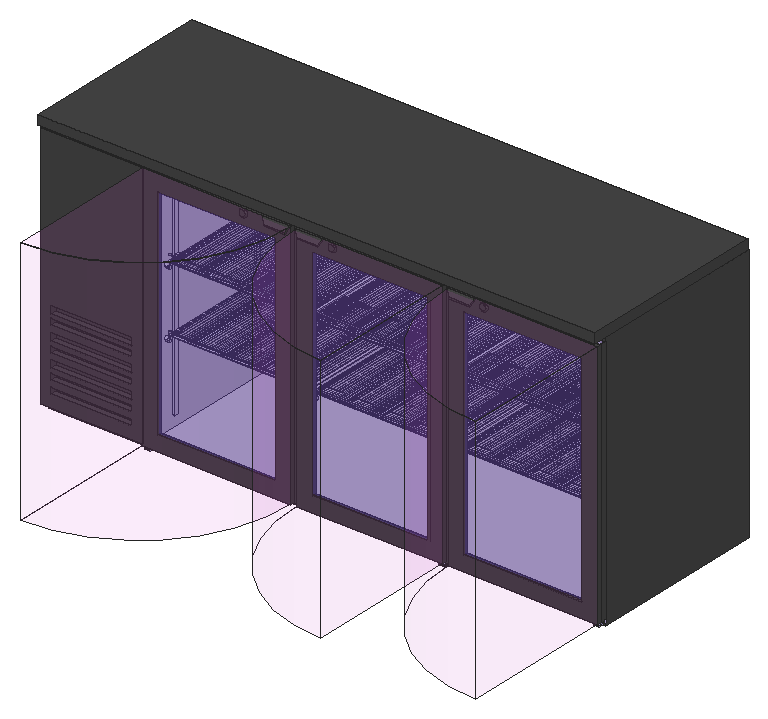
Revit family "QF_True_TBB24-72-3G-Z1-BST-B-1_Glass_Swing_Door_Back_Bar", category Specialty Equipment, Revit 2021
Family settings
  Round Connector Dimension = Use Diameter
  Part Type = Normal
  Work Plane-Based = No
  Always vertical = Yes
  Cut with Voids When Loaded = No
  Shared = No
  Room Calculation Point = No
Parameters
  Weight in Pounds = 415
  Watts = Volts * FL Amps  # 368 W
  Volts = 115 V
  URL Cutsheet = ""
  Specification by User = ""
  Specification by Manufacturer = ""
  Show Seismic Flanged [instance] = yes
  Show Door Clearance [instance] = yes
  Show Default [instance] = if(or([Show 2" Casters], [Show 3" Casters]), or(or([Show 4" Casters], [Show 5" Casters], [Show 6" Legs]), and([Show 2" Casters], [Show 3" Casters]), and([Show 3" Casters], Show Seismic Flanged)), if(or([Show 4" Casters], [Show 5" Casters]), or(or([Show 6" Legs], Show Seismic Flanged), and([Show 4" Casters], [Show 5" Casters])), if([Show 6" Legs], Show Seismic Flanged, not(Show Seismic Flanged))))  # yes
  Show 6" Legs [instance] = yes
  Show 5" Casters [instance] = yes
  Show 4" Casters [instance] = yes
  Show 3" Casters [instance] = yes
  Show 2" Casters [instance] = yes
  Serial Number = ""
  Seismic Rating = ""
  SMACNA No = ""
  Revision Code = ""
  Phase = 1
  Number of Poles = 1
  NAFEM Spec ID Number = ""
  Model = "TBB24-72-3G-Z1-BST-B-1"
  Min Ckt Ampacity = 0 A
  Max Overcurrent Protection = 0 A
  Masterspec = ""
  Manufacturer = "True"
  Length = 72 1/32"
  Item Number = ""
  Installed By = ""
  Identify Quantity as Lot = yes
  Height [instance] = Base Height + Body Height  # 34 3/16"
  HP = "1/4"
  Furnished By = ""
  Foodservice Equipment Identifier = yes
  FL Amps = 3.2 A
  Electrical Remarks = ""
  Electric Connection Type = ""
  Elec Conn RI Height = 0"
  Elec Conn Connection Height = 0"
  Door Finish [instance] = QF_Metallic_Paint_Black_Smooth
  Description = "Glass Swing Door Back Bar 24\" Depth Single Zone Cooler with Stainless Finished Top and Black Exterior"
  Depth = 25 11/32"
  Default Elevation = 0"
  Cycle = 60 Hz
  Counter Top Finish [instance] = QF_Metallic_Paint_Black_Smooth
  Conn Plug = "NEMA 5-15P"
  Conn Conduit = yes
  CSI MasterFormat = ""
  Body Height [instance] = 34 3/16"
  Body Finish [instance] = QF_Metallic_Paint_Black_Smooth
  Base Height [instance] = if(Show Default, 0", if([Show 2" Casters], 2", if([Show 3" Casters], 3", if([Show 4" Casters], 4", if([Show 5" Casters], 5", if([Show 6" Legs], 6", if(Show Seismic Flanged, 6", 0")))))))  # 0"
  Apparent Power = 0 VA
Reference planes (in)
  plane 1 "BACK": y = 0
  plane 2: z = 0
  plane 3 "LEFT": x = 0
  plane 4 "RIGHT": x = 72.03125
  plane 5 "FRONT": y = -25.34375
  plane 6 "TOP": z = 34.1875
  plane 7 "Center Y": x = 36.01563
  plane 8 "Center X": y = -12.67188
  plane 9: z = 0
Dimensions and locks (in)
  equal spacing: plane 3 "LEFT", plane 7 "Center Y", plane 4 "RIGHT"
  "Length": plane 3 "LEFT" to plane 4 "RIGHT"
  equal spacing: plane 5 "FRONT", plane 8 "Center X", plane 1 "BACK"
  "Depth": plane 5 "FRONT" to plane 1 "BACK"
  plane 6 "TOP" to level = 34 3/16"
  "Base Height": plane 9 to level
  "Body Height": plane 6 "TOP" to plane 9
  aligned and locked: level to plane 2
  aligned and locked: nested 1 to plane 9
Nested families (in)
  nested 1: "TBB24-72-3G-Z1-BST-B-1" at (0, 0, 0), Show Door Clearance <- "Show Door Clearance", Body Finish <- "Body Finish", Counter Top Finishes <- "Counter Top Finish", Door Finish <- "Door Finish", type "TBB24-72-3G-Z1-BST-B-1"
    with Show Door Clearance yes, Door Finish QF_Metallic_Paint_Black_Smooth, Counter Top Finishes QF_Metallic_Paint_Black_Smooth, Body Finish QF_Metallic_Paint_Black_Smooth
  nested 2: "Family3" at (2.5, -20.84523, 0), Show 2" Casters <- "Show 2" Casters", Show 3" Casters <- "Show 3" Casters", Show 4" Casters <- "Show 4" Casters", Show 5" Casters <- "Show 5" Casters", Show 6" Legs <- "Show 6" Legs", Show Seismic Flanged <- "Show Seismic Flanged", type "Family3"
    with Show Seismic Flanged yes, Show 6" Legs yes, Show 5" Casters yes, Show 4" Casters yes, Show 3" Casters yes, Show 2" Casters yes
  nested 3: "Family3" at (69.53125, -20.84523, 0), Show 2" Casters <- "Show 2" Casters", Show 3" Casters <- "Show 3" Casters", Show 4" Casters <- "Show 4" Casters", Show 5" Casters <- "Show 5" Casters", Show 6" Legs <- "Show 6" Legs", Show Seismic Flanged <- "Show Seismic Flanged", type "Family3"
    with Show Seismic Flanged yes, Show 6" Legs yes, Show 5" Casters yes, Show 4" Casters yes, Show 3" Casters yes, Show 2" Casters yes
  nested 4: "Family3" at (2.5, -3.09523, 0), Show 2" Casters <- "Show 2" Casters", Show 3" Casters <- "Show 3" Casters", Show 4" Casters <- "Show 4" Casters", Show 5" Casters <- "Show 5" Casters", Show 6" Legs <- "Show 6" Legs", Show Seismic Flanged <- "Show Seismic Flanged", type "Family3"
    with Show Seismic Flanged yes, Show 6" Legs yes, Show 5" Casters yes, Show 4" Casters yes, Show 3" Casters yes, Show 2" Casters yes
  nested 5: "Family3" at (69.53125, -3.09523, 0), Show 2" Casters <- "Show 2" Casters", Show 3" Casters <- "Show 3" Casters", Show 4" Casters <- "Show 4" Casters", Show 5" Casters <- "Show 5" Casters", Show 6" Legs <- "Show 6" Legs", Show Seismic Flanged <- "Show Seismic Flanged", type "Family3"
    with Show Seismic Flanged yes, Show 6" Legs yes, Show 5" Casters yes, Show 4" Casters yes, Show 3" Casters yes, Show 2" Casters yes
Connectors (in)
  electrical at (5.92159, 0.23047, 18.89834), driven by "Volts", driven by "Watts"
    settings: on nested 1, index 1, voltage 115 V, apparent load 368 VA, apparent load phase1 0 VA, apparent load phase2 0 VA, apparent load phase3 0 VA, power factor 1, load classification "Other", number of poles 1, system type 30, power factor state 1, is connector primary yes, connector utility no, sub classification motor no, connector description "ELECTRICAL CONNECTION"
Definition of nested family "TBB24-72-3G-Z1-BST-B-1"
  Parameters (values of type "TBB24-72-3G-Z1-BST-B-1")
    Weight in Pounds = 0
    URL Cutsheet = ""
    Specification by User = ""
    Specification by Manufacturer = ""
    Show Door Clearance [instance] = yes
    Serial Number = ""
    Seismic Rating = ""
    SMACNA No = ""
    Revision Code = ""
    NAFEM Spec ID Number = ""
    Masterspec = ""
    Length = 72 1/32"
    Item Number = ""
    Installed By = ""
    Identify Quantity as Lot = yes
    Height = 34 23/32"
    Furnished By = ""
    Foodservice Equipment Identifier = yes
    Door Finish [instance] = none
    Depth = 25 11/32"
    Default Elevation = 0"
    Counter Top Finishes [instance] = none
    CSI MasterFormat = ""
    Body Finish [instance] = none
  Reference planes (in)
    plane 1 "BACK": y = 0
    plane 2: z = 0
    plane 3 "LEFT": x = 0
    plane 4 "RIGHT": x = 72.03125
    plane 5 "FRONT": y = -25.34375
    plane 6 "TOP": z = 34.71875
    plane 7 "Center Y": x = 36.01563
    plane 8 "Center X": y = -12.67188
    plane 9: y = -44.09375
    plane 10: y = -24.875
    plane 11: z = 0.28263
    plane 12: x = 13.15625
    plane 13: x = 52.40625
    plane 14: y = -21.84523
    plane 15: y = -21.84523
    plane 16: y = -21.84523
    plane 17: y = -21.84523
    plane 18: y = -21.84523
    plane 19: y = -21.84523
    plane 20: y = -21.84523
    plane 21: y = -21.84523
    plane 22: y = -21.84523
    plane 23: y = -21.84523
    plane 24: y = -21.84523
    plane 25: y = -21.84523
    plane 26: y = -21.84523
    plane 27: y = -21.84523
    plane 28: y = -21.84523
    plane 29: y = -21.84523
    plane 30: y = -21.84523
    plane 31: y = -21.84523
    plane 32: y = -21.84523
    plane 33: y = -21.84523
    plane 34: y = -21.84523
    plane 35: y = -21.84523
    plane 36: y = -21.84523
    plane 37: y = -21.84523
    plane 38: y = -21.84523
    plane 39: y = -21.84523
    plane 40: y = -21.84523
    plane 41: y = -21.84523
    plane 42: y = -21.84523
    plane 43: y = -21.84523
    plane 44: y = -21.84523
    plane 45: y = -21.84523
    plane 46: y = -21.84523
    plane 47: y = -21.84523
    plane 48: y = -21.84523
    plane 49: y = -21.84523
    plane 50: y = -21.84523
    plane 51: y = -21.84523
    plane 52: y = -21.84523
    plane 53: y = -21.84523
    plane 54: y = -21.84523
    plane 55: y = -21.84523
    plane 56: y = -21.84523
    plane 57: y = -21.84523
    plane 58: y = -21.84523
    plane 59: y = -21.84523
    plane 60: y = -21.84523
    plane 61: y = -21.84523
    plane 62: y = -21.84523
    plane 63: y = -21.84523
    plane 64: y = -24.3696
  Forms (in)
    Extrusion 1, solid, material <- "Counter Top Finishes"
      sketch origin (0, 0, 0) x (1, 0, 0) y (0, 0, 1)
        loop
          line (0, 34.71875) -> (0, 33.46875) -> (72.03125, 33.46875) -> (72.03125, 34.71875) -> (0, 34.71875)
      from 0 to 24.875
    Extrusion 2, solid, material <- "Body Finish"
      sketch origin (0, 0, 0) x (0, 1, 0) y (0, 0, 1)
        loop
          line (0, 33.46875) -> (-23.09422, 33.46875) -> (-23.09422, 0) -> (0, 0) -> (0, 33.46875)
      from 0 to 72.03125
    Extrusion 3, solid, material <- "Body Finish"
      sketch origin (0, -23.09422, 33.46875) x (0, 0, -1) y (1, 0, 0)
        loop
          line (0.5625, 0) -> (32.48883, 0) -> (32.48883, 13.15625) -> (0.5625, 13.15625) -> (0.5625, 0)
      from 0 to 1.27538
    Extrusion 4, void
      sketch origin (0, -24.3696, 33.46875) x (0, 0, 1) y (1, 0, 0)
        loop
          line (-20.59422, 1.27626) -> (-20.59422, 11.8296) -> (-21.59422, 11.8296) -> (-21.59422, 1.27626) -> (-20.59422, 1.27626)
        loop
          line (-22.0483, 1.27626) -> (-22.0483, 11.8296) -> (-22.87544, 11.8296) -> (-22.87544, 1.27626) -> (-22.0483, 1.27626)
        loop
          line (-23.71922, 1.27626) -> (-23.71922, 11.8296) -> (-24.71922, 11.8296) -> (-24.71922, 1.27626) -> (-23.71922, 1.27626)
        loop
          line (-25.2983, 1.27626) -> (-25.2983, 11.8296) -> (-26.12544, 11.8296) -> (-26.12544, 1.27626) -> (-25.2983, 1.27626)
        loop
          line (-26.84422, 1.27626) -> (-26.84422, 11.8296) -> (-27.84422, 11.8296) -> (-27.84422, 1.27626) -> (-26.84422, 1.27626)
        loop
          line (-28.4233, 1.27626) -> (-28.4233, 11.8296) -> (-29.25044, 11.8296) -> (-29.25044, 1.27626) -> (-28.4233, 1.27626)
        loop
          line (-30.0483, 1.27626) -> (-30.0483, 11.8296) -> (-30.87544, 11.8296) -> (-30.87544, 1.27626) -> (-30.0483, 1.27626)
      from 0 to 0.83594
    Extrusion 5, solid, material <- "Body Finish"
      sketch origin (0, 0, 0) x (0, 0, 1) y (1, 0, 0)
        loop
          arc (20.62838, 11.27264) -> (20.40871, 11.80298) -> (19.87838, 12.02264) r 0.75
          line (19.87838, 12.02264) -> (1.3125, 12.02264)
          arc (1.3125, 12.02264) -> (0.78217, 11.80298) -> (0.5625, 11.27264) r 0.75
          line (0.5625, 11.27264) -> (0.5625, 0.75)
          arc (0.5625, 0.75) -> (0.78217, 0.21967) -> (1.3125, 0) r 0.75
          line (1.3125, 0) -> (19.87838, 0)
          arc (19.87838, 0) -> (20.40871, 0.21967) -> (20.62838, 0.75) r 0.75
          line (20.62838, 0.75) -> (20.62838, 5.19897) -> (21.06934, 5.19897)
          arc (21.06934, 5.19897) -> (21.81934, 5.94897) -> (21.06934, 6.69897) r 0.75
          line (21.06934, 6.69897) -> (20.62838, 6.69897) -> (20.62838, 11.27264)
      from 0 to 0.03125
    Extrusion 6, solid, material <- "Body Finish"
      sketch origin (0, 0.03125, 0) x (0, 0, 1) y (1, 0, 0)
        loop
          line (21.56934, 5.94897) -> (21.31934, 6.38198) -> (20.81934, 6.38198) -> (20.56934, 5.94897) -> (20.81934, 5.51596) -> (21.31934, 5.51596) -> (21.56934, 5.94897)
      from 0 to 0.19922
    Extrusion 7, solid, material <- "Body Finish"
      sketch origin (0, 0.03125, 0) x (0, 0, 1) y (1, 0, 0)
        loop
          circle (18.89834, 5.92159) r 0.5
      from 0 to 0.19922
    Extrusion 8, solid, material <- "Door Finish"
      sketch origin (0.80334, -23.09422, 33.46875) x (0, 0, -1) y (1, 0, 0)
        loop
          line (0.5625, 12.35291) -> (32.78125, 12.35291) -> (32.78125, 31.97791) -> (0.5625, 31.97791) -> (0.5625, 12.35291)
        loop
          line (31.78125, 13.35291) -> (31.78125, 30.97791) -> (1.5625, 30.97791) -> (1.5625, 13.35291) -> (31.78125, 13.35291)
      from 0 to 0.80663
    Extrusion 9, solid, material <- "Door Finish"
      sketch origin (40.05334, -23.09422, 33.46875) x (0, 0, -1) y (1, 0, 0)
        loop
          line (0.5625, 12.35496) -> (32.78125, 12.35496) -> (32.78125, 31.97791) -> (0.5625, 31.97791) -> (0.5625, 12.35496)
        loop
          line (31.78125, 13.79041) -> (31.78125, 30.97791) -> (1.5625, 30.97791) -> (1.5625, 13.79041) -> (31.78125, 13.79041)
      from 0 to 0.80663
    Extrusion 10, void
      sketch origin (0, -23.09422, 1.53125) x (1, 0, 0) y (0, -1, 0)
        loop
          line (14.13672, -18.75) -> (70.51172, -18.75) -> (70.51172, 0) -> (14.13672, 0) -> (14.13672, -18.75)
      from 0 to -30.84375
    Extrusion 11, solid, material <- "Door Finish"
      sketch origin (0.80334, -23.90085, 33.46875) x (0, 0, -1) y (1, 0, 0)
        loop
          line (0.5625, 12.35291) -> (32.78125, 12.35291) -> (32.78125, 31.60291) -> (0.5625, 31.60291) -> (0.5625, 12.35291)
        loop
          line (2.5625, 29.60291) -> (2.5625, 14.35291) -> (30.78125, 14.35291) -> (30.78125, 29.60291) -> (2.5625, 29.60291)
      from 0 to 0.46875
    Blend 12, solid, material <- "Door Finish"
      base sketch origin (0.80334, -24.3696, 33.46875) x (0, 0, -1) y (1, 0, 0)
        loop
          circle (1.15564, 25.41355) r 0.5
      top sketch origin (0.80334, -24.3696, 33.46875) x (0, 0, -1) y (1, 0, 0)
        loop
          circle (1.15564, 25.41355) r 0.39938
      from 0 to 0.12886
    Blend 13, solid, material <- "Door Finish"
      base sketch origin (83.50916, -24.3696, 33.46875) x (0, 0, -1) y (1, 0, 0)
        loop
          circle (1.15564, -26.16355) r 0.5
      top sketch origin (83.50916, -24.3696, 33.46875) x (0, 0, -1) y (1, 0, 0)
        loop
          circle (1.15564, -26.16355) r 0.39938
      from 0 to 0.12886
    Extrusion 14, solid
      sketch origin (-1.45011, -180, 0.28263) x (-1, 0, 0) y (0, -1, 0)
        loop
          line (-14.60636, -156.90578) -> (-14.60636, -156.03078)
          arc (-14.60636, -156.03078) -> (-14.64297, -155.9424) -> (-14.73136, -155.90578) r 0.125
          line (-14.73136, -155.90578) -> (-15.30008, -155.90578)
          arc (-15.30008, -155.90578) -> (-15.37178, -155.92839) -> (-15.41755, -155.98803) r 0.125
          line (-15.41755, -155.98803) -> (-15.69052, -156.73803)
          arc (-15.69052, -156.73803) -> (-15.67546, -156.85248) -> (-15.57306, -156.90578) r 0.125
          line (-15.57306, -156.90578) -> (-14.60636, -156.90578)
        loop
          line (-53.52038, -156.90578) -> (-52.55368, -156.90578)
          arc (-52.55368, -156.90578) -> (-52.45129, -156.85248) -> (-52.43622, -156.73803) r 0.125
          line (-52.43622, -156.73803) -> (-52.7092, -155.98803)
          arc (-52.7092, -155.98803) -> (-52.75496, -155.92839) -> (-52.82666, -155.90578) r 0.125
          line (-52.82666, -155.90578) -> (-53.39538, -155.90578)
          arc (-53.39538, -155.90578) -> (-53.48377, -155.9424) -> (-53.52038, -156.03078) r 0.125
          line (-53.52038, -156.03078) -> (-53.52038, -156.90578)
        loop
          line (-73.48136, -156.90578) -> (-72.51466, -156.90578)
          arc (-72.51466, -156.90578) -> (-72.41226, -156.85248) -> (-72.3972, -156.73803) r 0.125
          line (-72.3972, -156.73803) -> (-72.67017, -155.98803)
          arc (-72.67017, -155.98803) -> (-72.71594, -155.92839) -> (-72.78764, -155.90578) r 0.125
          line (-72.78764, -155.90578) -> (-73.35636, -155.90578)
          arc (-73.35636, -155.90578) -> (-73.44475, -155.9424) -> (-73.48136, -156.03078) r 0.125
          line (-73.48136, -156.03078) -> (-73.48136, -156.90578)
      from 0 to 0.07705
    Extrusion 15, solid
      sketch origin (0, -23.09422, 33.46875) x (0, 0, -1) y (1, 0, 0)
        loop
          line (33.18612, 13.15625) -> (33.18612, 14.24795) -> (32.78125, 14.24795) -> (32.78125, 13.15625) -> (33.18612, 13.15625)
        loop
          line (33.18612, 51.31455) -> (33.18612, 52.40625) -> (32.78125, 52.40625) -> (32.78125, 51.31455) -> (33.18612, 51.31455)
        loop
          line (33.18612, 70.93955) -> (33.18612, 72.03125) -> (32.78125, 72.03125) -> (32.78125, 70.93955) -> (33.18612, 70.93955)
      from 0 to 0.03214
    Extrusion 16, solid
      sketch origin (-1.45011, -180, 0.35968) x (-1, 0, 0) y (0, -1, 0)
        loop
          circle (-15.01572, -156.38971) r 0.25
        loop
          circle (-53.11102, -156.38971) r 0.25
        loop
          circle (-73.04647, -156.38971) r 0.25
      from 0 to 0.32782
    Extrusion 17, solid
      sketch origin (71.71875, 0, 33.46875) x (0, 1, 0) y (1, 0, 0)
        loop
          circle (-23.61029, -58.15314) r 0.25
        loop
          circle (-23.61029, -20.05784) r 0.25
        loop
          circle (-23.61029, -0.12239) r 0.25
      from 0 to 0.5625
    Extrusion 18, solid
      sketch origin (14.15625, -5.34422, 1.71962) x (0, 1, 0) y (0, 0, 1)
        loop
          line (-15.50101, 28.99913) -> (-15.50101, 1.46788) -> (-15.00101, 1.46788) -> (-15.00101, 28.99913) -> (-15.50101, 28.99913)
        loop
          line (-2.25101, 28.99913) -> (-2.25101, 1.46788) -> (-1.75101, 1.46788) -> (-1.75101, 28.99913) -> (-2.25101, 28.99913)
      from 0 to 0.38124
    Extrusion 19, solid
      sketch origin (14.15625, -4.34422, 1.71962) x (1, 0, 0) y (0, 0, 1)
        loop
          line (17.3189, 28.99913) -> (17.3189, 1.46788) -> (17.8189, 1.46788) -> (17.8189, 28.99913) -> (17.3189, 28.99913)
        loop
          line (1.3189, 28.99913) -> (1.3189, 1.46788) -> (1.8189, 1.46788) -> (1.8189, 28.99913) -> (1.3189, 28.99913)
        loop
          line (36.48437, 28.99913) -> (36.48437, 1.46788) -> (36.98437, 1.46788) -> (36.98437, 28.99913) -> (36.48437, 28.99913)
        loop
          line (19.9311, 28.99913) -> (19.4311, 28.99913) -> (19.4311, 1.46788) -> (19.9311, 1.46788) -> (19.9311, 28.99913)
        loop
          line (40.01563, 28.99913) -> (39.51563, 28.99913) -> (39.51563, 1.46788) -> (40.01563, 1.46788) -> (40.01563, 28.99913)
        loop
          line (55.01563, 28.99913) -> (54.51563, 28.99913) -> (54.51563, 1.46788) -> (55.01563, 1.46788) -> (55.01563, 28.99913)
      from 0 to 0.38281
    Sweep 20, solid
      path origin (-5.14658, -182.67731, 21.66353) x (-1, 0, 0) y (0, -1, 0)
        loop
          line (-19.93408, -160.83208) -> (-37.27783, -160.83208)
          arc (-37.27783, -160.83208) -> (-37.63138, -160.97853) -> (-37.77783, -161.33208) r 0.5
          line (-37.77783, -161.33208) -> (-37.77783, -177.20028)
          arc (-37.77783, -177.20028) -> (-37.63138, -177.55383) -> (-37.27783, -177.70028) r 0.5
          line (-37.27783, -177.70028) -> (-20.43408, -177.70028)
          arc (-20.43408, -177.70028) -> (-20.08052, -177.55383) -> (-19.93408, -177.20028) r 0.5
          line (-19.93408, -177.20028) -> (-19.93408, -160.33208)
          arc (-19.93408, -160.33208) -> (-20.08052, -159.97853) -> (-20.43408, -159.83208) r 0.5
          line (-20.43408, -159.83208) -> (-20.68408, -159.83208)
      profile origin (14.7875, -13.91113, 21.66353) x (1, 0, 0) y (0, 0, 1)
        loop
          circle (0, -0.10817) r 0.14183
    Extrusion 21, solid
      sketch origin (14.15625, -20.84523, 3.1875) x (0, 0, 1) y (-1, 0, 0)
        loop
          line (18.75728, -0.82407) -> (18.75728, -0.38124) -> (18.17613, -0.38124) -> (18.61896, -0.82407) -> (18.75728, -0.82407)
        loop
          line (18.75728, -55.5314) -> (18.61896, -55.5314) -> (18.17613, -55.97423) -> (18.75728, -55.97423) -> (18.75728, -55.5314)
      from 0 to -0.5
    Extrusion 22, solid
      sketch origin (14.15625, -7.59523, 3.1875) x (0, 0, 1) y (-1, 0, 0)
        loop
          line (18.75728, -0.82407) -> (18.75728, -0.38124) -> (18.17613, -0.38124) -> (18.61896, -0.82407) -> (18.75728, -0.82407)
        loop
          line (18.75728, -55.5314) -> (18.61896, -55.5314) -> (18.17613, -55.97423) -> (18.75728, -55.97423) -> (18.75728, -55.5314)
      from 0 to -0.5
    Extrusion 23, solid
      sketch origin (31.47515, -4.34422, 3.1875) x (0, 0, 1) y (0, 1, 0)
        loop
          line (18.75728, -0.82564) -> (18.75728, -0.38281) -> (18.17613, -0.38281) -> (18.61896, -0.82564) -> (18.75728, -0.82564)
      from 0 to -0.5
    Extrusion 24, solid
      sketch origin (15.47515, -4.34422, 3.1875) x (0, 0, 1) y (0, 1, 0)
        loop
          line (18.75728, -0.82564) -> (18.75728, -0.38281) -> (18.17613, -0.38281) -> (18.61896, -0.82564) -> (18.75728, -0.82564)
      from 0 to -0.5
    Extrusion 25, solid
      sketch origin (69.17188, -4.34422, 29.12947) x (0, 0, 1) y (0, -1, 0)
        loop
          line (-7.18469, 0.82564) -> (-7.32301, 0.82564) -> (-7.76583, 0.38281) -> (-7.18469, 0.38281) -> (-7.18469, 0.82564)
      from 0 to -0.5
    Extrusion 26, solid
      sketch origin (54.17188, -4.34422, 29.12947) x (0, 0, 1) y (0, -1, 0)
        loop
          line (-7.18469, 0.82564) -> (-7.32301, 0.82564) -> (-7.76583, 0.38281) -> (-7.18469, 0.38281) -> (-7.18469, 0.82564)
      from 0 to -0.5
    Extrusion 27, solid
      sketch origin (14.15625, -20.84523, -5.3125) x (0, 0, 1) y (-1, 0, 0)
        loop
          line (18.22603, -0.82407) -> (18.22603, -0.38124) -> (17.64488, -0.38124) -> (18.08771, -0.82407) -> (18.22603, -0.82407)
        loop
          line (18.22603, -55.5314) -> (18.08771, -55.5314) -> (17.64488, -55.97423) -> (18.22603, -55.97423) -> (18.22603, -55.5314)
      from 0 to -0.5
    Extrusion 28, solid
      sketch origin (14.15625, -7.59523, -5.3125) x (0, 0, 1) y (-1, 0, 0)
        loop
          line (18.22603, -0.82407) -> (18.22603, -0.38124) -> (17.64488, -0.38124) -> (18.08771, -0.82407) -> (18.22603, -0.82407)
        loop
          line (18.22603, -55.5314) -> (18.08771, -55.5314) -> (17.64488, -55.97423) -> (18.22603, -55.97423) -> (18.22603, -55.5314)
      from 0 to -0.5
    Extrusion 29, solid
      sketch origin (31.47515, -4.34422, -5.3125) x (0, 0, 1) y (0, 1, 0)
        loop
          line (18.22603, -0.82564) -> (18.22603, -0.38281) -> (17.64488, -0.38281) -> (18.08771, -0.82564) -> (18.22603, -0.82564)
      from 0 to -0.5
    Extrusion 30, solid
      sketch origin (15.47515, -4.34422, -5.3125) x (0, 0, 1) y (0, 1, 0)
        loop
          line (18.22603, -0.82564) -> (18.22603, -0.38281) -> (17.64488, -0.38281) -> (18.08771, -0.82564) -> (18.22603, -0.82564)
      from 0 to -0.5
    Extrusion 31, solid
      sketch origin (69.17188, -4.34422, 20.62947) x (0, 0, 1) y (0, -1, 0)
        loop
          line (-7.71594, 0.82564) -> (-7.85426, 0.82564) -> (-8.29708, 0.38281) -> (-7.71594, 0.38281) -> (-7.71594, 0.82564)
      from 0 to -0.5
    Extrusion 32, solid
      sketch origin (54.17188, -4.34422, 20.62947) x (0, 0, 1) y (0, -1, 0)
        loop
          line (-7.71594, 0.82564) -> (-7.85426, 0.82564) -> (-8.29708, 0.38281) -> (-7.71594, 0.38281) -> (-7.71594, 0.82564)
      from 0 to -0.5
    Sweep 33, solid
      path origin (-5.14658, -182.67731, 13.16353) x (-1, 0, 0) y (0, -1, 0)
        loop
          line (-19.93408, -160.83208) -> (-37.27783, -160.83208)
          arc (-37.27783, -160.83208) -> (-37.63138, -160.97853) -> (-37.77783, -161.33208) r 0.5
          line (-37.77783, -161.33208) -> (-37.77783, -177.20028)
          arc (-37.77783, -177.20028) -> (-37.63138, -177.55383) -> (-37.27783, -177.70028) r 0.5
          line (-37.27783, -177.70028) -> (-20.43408, -177.70028)
          arc (-20.43408, -177.70028) -> (-20.08052, -177.55383) -> (-19.93408, -177.20028) r 0.5
          line (-19.93408, -177.20028) -> (-19.93408, -160.33208)
          arc (-19.93408, -160.33208) -> (-20.08052, -159.97853) -> (-20.43408, -159.83208) r 0.5
          line (-20.43408, -159.83208) -> (-20.68408, -159.83208)
      profile origin (14.7875, -13.91113, 13.16353) x (1, 0, 0) y (0, 0, 1)
        loop
          circle (0, -0.10817) r 0.14183
    Extrusion 34, solid
      sketch origin (14.7875, -180.67756, 21.69719) x (0, 0, 1) y (0, -1, 0)
        loop
          circle (0.6482, -158.83233) r 0.05462
      from -0.25 to 17.83516
    Extrusion 35, solid
      sketch origin (14.7875, -180.67756, 13.19719) x (0, 0, 1) y (0, -1, 0)
        loop
          circle (0.11695, -158.83233) r 0.05462
      from -0.25 to 17.83516
    Extrusion 36, solid
      sketch origin (69.91954, -180.67756, 21.69719) x (0, 0, 1) y (0, 1, 0)
        loop
          circle (0.6482, 158.83233) r 0.05462
      from -0.21094 to 17.63204
    Extrusion 37, solid
      sketch origin (69.91954, -180.67756, 13.19719) x (0, 0, 1) y (0, 1, 0)
        loop
          circle (0.11695, 158.83233) r 0.05462
      from -0.21094 to 17.63204
    Extrusion 38, solid
      sketch origin (51.14062, -4.34422, 29.12947) x (0, 0, 1) y (0, -1, 0)
        loop
          line (-7.18469, 0.82564) -> (-7.32301, 0.82564) -> (-7.76583, 0.38281) -> (-7.18469, 0.38281) -> (-7.18469, 0.82564)
      from 0 to -0.5
    Extrusion 39, solid
      sketch origin (34.08735, -4.34422, 29.12947) x (0, 0, 1) y (0, -1, 0)
        loop
          line (-7.18469, 0.82564) -> (-7.32301, 0.82564) -> (-7.76583, 0.38281) -> (-7.18469, 0.38281) -> (-7.18469, 0.82564)
      from 0 to -0.5
    Extrusion 40, solid
      sketch origin (51.14062, -4.34422, 20.62947) x (0, 0, 1) y (0, -1, 0)
        loop
          line (-7.71594, 0.82564) -> (-7.85426, 0.82564) -> (-8.29708, 0.38281) -> (-7.71594, 0.38281) -> (-7.71594, 0.82564)
      from 0 to -0.5
    Extrusion 41, solid
      sketch origin (34.08735, -4.34422, 20.62947) x (0, 0, 1) y (0, -1, 0)
        loop
          line (-7.71594, 0.82564) -> (-7.85426, 0.82564) -> (-8.29708, 0.38281) -> (-7.71594, 0.38281) -> (-7.71594, 0.82564)
      from 0 to -0.5
    Sweep 42, solid
      path origin (13.60342, -182.67731, 21.66353) x (-1, 0, 0) y (0, -1, 0)
        loop
          line (-19.93408, -160.83208) -> (-37.27783, -160.83208)
          arc (-37.27783, -160.83208) -> (-37.63138, -160.97853) -> (-37.77783, -161.33208) r 0.5
          line (-37.77783, -161.33208) -> (-37.77783, -177.20028)
          arc (-37.77783, -177.20028) -> (-37.63138, -177.55383) -> (-37.27783, -177.70028) r 0.5
          line (-37.27783, -177.70028) -> (-20.43408, -177.70028)
          arc (-20.43408, -177.70028) -> (-20.08052, -177.55383) -> (-19.93408, -177.20028) r 0.5
          line (-19.93408, -177.20028) -> (-19.93408, -160.33208)
          arc (-19.93408, -160.33208) -> (-20.08052, -159.97853) -> (-20.43408, -159.83208) r 0.5
          line (-20.43408, -159.83208) -> (-20.93408, -159.83208)
      profile origin (33.5375, -13.91113, 21.66353) x (1, 0, 0) y (0, 0, 1)
        loop
          circle (0, -0.10817) r 0.14183
    Sweep 43, solid
      path origin (13.60342, -182.67731, 13.16353) x (-1, 0, 0) y (0, -1, 0)
        loop
          line (-19.93408, -160.83208) -> (-37.27783, -160.83208)
          arc (-37.27783, -160.83208) -> (-37.63138, -160.97853) -> (-37.77783, -161.33208) r 0.5
          line (-37.77783, -161.33208) -> (-37.77783, -177.20028)
          arc (-37.77783, -177.20028) -> (-37.63138, -177.55383) -> (-37.27783, -177.70028) r 0.5
          line (-37.27783, -177.70028) -> (-20.43408, -177.70028)
          arc (-20.43408, -177.70028) -> (-20.08052, -177.55383) -> (-19.93408, -177.20028) r 0.5
          line (-19.93408, -177.20028) -> (-19.93408, -160.33208)
          arc (-19.93408, -160.33208) -> (-20.08052, -159.97853) -> (-20.43408, -159.83208) r 0.5
          line (-20.43408, -159.83208) -> (-20.93408, -159.83208)
      profile origin (33.5375, -13.91113, 13.16353) x (1, 0, 0) y (0, 0, 1)
        loop
          circle (0, -0.10817) r 0.14183
    Sweep 44, solid
      path origin (32.35342, -182.67731, 21.66353) x (-1, 0, 0) y (0, -1, 0)
        loop
          line (-19.93408, -160.83208) -> (-37.27783, -160.83208)
          arc (-37.27783, -160.83208) -> (-37.63138, -160.97853) -> (-37.77783, -161.33208) r 0.5
          line (-37.77783, -161.33208) -> (-37.77783, -177.20028)
          arc (-37.77783, -177.20028) -> (-37.63138, -177.55383) -> (-37.27783, -177.70028) r 0.5
          line (-37.27783, -177.70028) -> (-20.43408, -177.70028)
          arc (-20.43408, -177.70028) -> (-20.08052, -177.55383) -> (-19.93408, -177.20028) r 0.5
          line (-19.93408, -177.20028) -> (-19.93408, -160.33208)
          arc (-19.93408, -160.33208) -> (-20.08052, -159.97853) -> (-20.43408, -159.83208) r 0.5
          line (-20.43408, -159.83208) -> (-20.68408, -159.83208)
      profile origin (52.2875, -13.91113, 21.66353) x (1, 0, 0) y (0, 0, 1)
        loop
          circle (0, -0.10817) r 0.14183
    Sweep 45, solid
      path origin (32.35342, -182.67731, 13.16353) x (-1, 0, 0) y (0, -1, 0)
        loop
          line (-19.93408, -160.83208) -> (-37.27783, -160.83208)
          arc (-37.27783, -160.83208) -> (-37.63138, -160.97853) -> (-37.77783, -161.33208) r 0.5
          line (-37.77783, -161.33208) -> (-37.77783, -177.20028)
          arc (-37.77783, -177.20028) -> (-37.63138, -177.55383) -> (-37.27783, -177.70028) r 0.5
          line (-37.27783, -177.70028) -> (-20.43408, -177.70028)
          arc (-20.43408, -177.70028) -> (-20.08052, -177.55383) -> (-19.93408, -177.20028) r 0.5
          line (-19.93408, -177.20028) -> (-19.93408, -160.33208)
          arc (-19.93408, -160.33208) -> (-20.08052, -159.97853) -> (-20.43408, -159.83208) r 0.5
          line (-20.43408, -159.83208) -> (-20.68408, -159.83208)
      profile origin (52.2875, -13.91113, 13.16353) x (1, 0, 0) y (0, 0, 1)
        loop
          circle (0, -0.10817) r 0.14183
    Extrusion 46, solid
      sketch origin (70.13048, -5.34422, 1.71962) x (0, 1, 0) y (0, 0, 1)
        loop
          line (-15.50101, 28.99913) -> (-15.50101, 1.46788) -> (-15.00101, 1.46788) -> (-15.00101, 28.99913) -> (-15.50101, 28.99913)
        loop
          line (-2.25101, 28.99913) -> (-2.25101, 1.46788) -> (-1.75101, 1.46788) -> (-1.75101, 28.99913) -> (-2.25101, 28.99913)
      from 0 to 0.38124
    Extrusion 47, solid
      sketch origin (33.7875, -180.67756, 21.69719) x (0, 0, 1) y (0, -1, 0)
        loop
          circle (0.6482, -158.83233) r 0.05462
      from -0.25 to 17.60313
    Extrusion 48, solid
      sketch origin (33.7875, -180.67756, 13.19719) x (0, 0, 1) y (0, -1, 0)
        loop
          circle (0.11695, -158.83233) r 0.05462
      from -0.25 to 17.59823
    Extrusion 49, solid
      sketch origin (0, 0, 0) x (1, 0, 0) y (0, 0, 1)
        loop
          circle (14.90115, 21.72801) r 0.03267
      from 4.97058 to 21.86282
    Extrusion 50, solid
      sketch origin (17.58335, 0, 0) x (1, 0, 0) y (0, 0, 1)
        loop
          circle (14.90115, 21.72801) r 0.03267
      from 4.97058 to 21.86282
    Extrusion 51, solid
      sketch origin (0.35884, 0, 0) x (1, 0, 0) y (0, 0, 1)
        loop
          circle (14.90115, 21.72801) r 0.03267
      from 4.97058 to 21.86282
    Extrusion 52, solid
      sketch origin (0.71769, 0, 0) x (1, 0, 0) y (0, 0, 1)
        loop
          circle (14.90115, 21.72801) r 0.03267
      from 4.97058 to 21.86282
    Extrusion 53, solid
      sketch origin (1.07653, 0, 0) x (1, 0, 0) y (0, 0, 1)
        loop
          circle (14.90115, 21.72801) r 0.03267
      from 4.97058 to 21.86282
    Extrusion 54, solid
      sketch origin (1.43538, 0, 0) x (1, 0, 0) y (0, 0, 1)
        loop
          circle (14.90115, 21.72801) r 0.03267
      from 4.97058 to 21.86282
    Extrusion 55, solid
      sketch origin (1.79422, 0, 0) x (1, 0, 0) y (0, 0, 1)
        loop
          circle (14.90115, 21.72801) r 0.03267
      from 4.97058 to 21.86282
    Extrusion 56, solid
      sketch origin (2.15306, 0, 0) x (1, 0, 0) y (0, 0, 1)
        loop
          circle (14.90115, 21.72801) r 0.03267
      from 4.97058 to 21.86282
    Extrusion 57, solid
      sketch origin (2.51191, 0, 0) x (1, 0, 0) y (0, 0, 1)
        loop
          circle (14.90115, 21.72801) r 0.03267
      from 4.97058 to 21.86282
    Extrusion 58, solid
      sketch origin (2.87075, 0, 0) x (1, 0, 0) y (0, 0, 1)
        loop
          circle (14.90115, 21.72801) r 0.03267
      from 4.97058 to 21.86282
    Extrusion 59, solid
      sketch origin (3.22959, 0, 0) x (1, 0, 0) y (0, 0, 1)
        loop
          circle (14.90115, 21.72801) r 0.03267
      from 4.97058 to 21.86282
    Extrusion 60, solid
      sketch origin (3.58844, 0, 0) x (1, 0, 0) y (0, 0, 1)
        loop
          circle (14.90115, 21.72801) r 0.03267
      from 4.97058 to 21.86282
    Extrusion 61, solid
      sketch origin (3.94728, 0, 0) x (1, 0, 0) y (0, 0, 1)
        loop
          circle (14.90115, 21.72801) r 0.03267
      from 4.97058 to 21.86282
    Extrusion 62, solid
      sketch origin (4.30613, 0, 0) x (1, 0, 0) y (0, 0, 1)
        loop
          circle (14.90115, 21.72801) r 0.03267
      from 4.97058 to 21.86282
    Extrusion 63, solid
      sketch origin (4.66497, 0, 0) x (1, 0, 0) y (0, 0, 1)
        loop
          circle (14.90115, 21.72801) r 0.03267
      from 4.97058 to 21.86282
    Extrusion 64, solid
      sketch origin (5.02381, 0, 0) x (1, 0, 0) y (0, 0, 1)
        loop
          circle (14.90115, 21.72801) r 0.03267
      from 4.97058 to 21.86282
    Extrusion 65, solid
      sketch origin (5.38266, 0, 0) x (1, 0, 0) y (0, 0, 1)
        loop
          circle (14.90115, 21.72801) r 0.03267
      from 4.97058 to 21.86282
    Extrusion 66, solid
      sketch origin (5.7415, 0, 0) x (1, 0, 0) y (0, 0, 1)
        loop
          circle (14.90115, 21.72801) r 0.03267
      from 4.97058 to 21.86282
    Extrusion 67, solid
      sketch origin (6.10035, 0, 0) x (1, 0, 0) y (0, 0, 1)
        loop
          circle (14.90115, 21.72801) r 0.03267
      from 4.97058 to 21.86282
    Extrusion 68, solid
      sketch origin (6.45919, 0, 0) x (1, 0, 0) y (0, 0, 1)
        loop
          circle (14.90115, 21.72801) r 0.03267
      from 4.97058 to 21.86282
    Extrusion 69, solid
      sketch origin (6.81803, 0, 0) x (1, 0, 0) y (0, 0, 1)
        loop
          circle (14.90115, 21.72801) r 0.03267
      from 4.97058 to 21.86282
    Extrusion 70, solid
      sketch origin (7.17688, 0, 0) x (1, 0, 0) y (0, 0, 1)
        loop
          circle (14.90115, 21.72801) r 0.03267
      from 4.97058 to 21.86282
    Extrusion 71, solid
      sketch origin (7.53572, 0, 0) x (1, 0, 0) y (0, 0, 1)
        loop
          circle (14.90115, 21.72801) r 0.03267
      from 4.97058 to 21.86282
    Extrusion 72, solid
      sketch origin (7.89456, 0, 0) x (1, 0, 0) y (0, 0, 1)
        loop
          circle (14.90115, 21.72801) r 0.03267
      from 4.97058 to 21.86282
    Extrusion 73, solid
      sketch origin (8.25341, 0, 0) x (1, 0, 0) y (0, 0, 1)
        loop
          circle (14.90115, 21.72801) r 0.03267
      from 4.97058 to 21.86282
    Extrusion 74, solid
      sketch origin (8.61225, 0, 0) x (1, 0, 0) y (0, 0, 1)
        loop
          circle (14.90115, 21.72801) r 0.03267
      from 4.97058 to 21.86282
    Extrusion 75, solid
      sketch origin (8.9711, 0, 0) x (1, 0, 0) y (0, 0, 1)
        loop
          circle (14.90115, 21.72801) r 0.03267
      from 4.97058 to 21.86282
    Extrusion 76, solid
      sketch origin (9.32994, 0, 0) x (1, 0, 0) y (0, 0, 1)
        loop
          circle (14.90115, 21.72801) r 0.03267
      from 4.97058 to 21.86282
    Extrusion 77, solid
      sketch origin (9.68878, 0, 0) x (1, 0, 0) y (0, 0, 1)
        loop
          circle (14.90115, 21.72801) r 0.03267
      from 4.97058 to 21.86282
    Extrusion 78, solid
      sketch origin (10.04763, 0, 0) x (1, 0, 0) y (0, 0, 1)
        loop
          circle (14.90115, 21.72801) r 0.03267
      from 4.97058 to 21.86282
    Extrusion 79, solid
      sketch origin (10.40647, 0, 0) x (1, 0, 0) y (0, 0, 1)
        loop
          circle (14.90115, 21.72801) r 0.03267
      from 4.97058 to 21.86282
    Extrusion 80, solid
      sketch origin (10.76531, 0, 0) x (1, 0, 0) y (0, 0, 1)
        loop
          circle (14.90115, 21.72801) r 0.03267
      from 4.97058 to 21.86282
    Extrusion 81, solid
      sketch origin (11.12416, 0, 0) x (1, 0, 0) y (0, 0, 1)
        loop
          circle (14.90115, 21.72801) r 0.03267
      from 4.97058 to 21.86282
    Extrusion 82, solid
      sketch origin (11.483, 0, 0) x (1, 0, 0) y (0, 0, 1)
        loop
          circle (14.90115, 21.72801) r 0.03267
      from 4.97058 to 21.86282
    Extrusion 83, solid
      sketch origin (11.84185, 0, 0) x (1, 0, 0) y (0, 0, 1)
        loop
          circle (14.90115, 21.72801) r 0.03267
      from 4.97058 to 21.86282
    Extrusion 84, solid
      sketch origin (12.20069, 0, 0) x (1, 0, 0) y (0, 0, 1)
        loop
          circle (14.90115, 21.72801) r 0.03267
      from 4.97058 to 21.86282
    Extrusion 85, solid
      sketch origin (12.55953, 0, 0) x (1, 0, 0) y (0, 0, 1)
        loop
          circle (14.90115, 21.72801) r 0.03267
      from 4.97058 to 21.86282
    Extrusion 86, solid
      sketch origin (12.91838, 0, 0) x (1, 0, 0) y (0, 0, 1)
        loop
          circle (14.90115, 21.72801) r 0.03267
      from 4.97058 to 21.86282
    Extrusion 87, solid
      sketch origin (13.27722, 0, 0) x (1, 0, 0) y (0, 0, 1)
        loop
          circle (14.90115, 21.72801) r 0.03267
      from 4.97058 to 21.86282
    Extrusion 88, solid
      sketch origin (13.63607, 0, 0) x (1, 0, 0) y (0, 0, 1)
        loop
          circle (14.90115, 21.72801) r 0.03267
      from 4.97058 to 21.86282
    Extrusion 89, solid
      sketch origin (13.99491, 0, 0) x (1, 0, 0) y (0, 0, 1)
        loop
          circle (14.90115, 21.72801) r 0.03267
      from 4.97058 to 21.86282
    Extrusion 90, solid
      sketch origin (14.35375, 0, 0) x (1, 0, 0) y (0, 0, 1)
        loop
          circle (14.90115, 21.72801) r 0.03267
      from 4.97058 to 21.86282
    Extrusion 91, solid
      sketch origin (14.7126, 0, 0) x (1, 0, 0) y (0, 0, 1)
        loop
          circle (14.90115, 21.72801) r 0.03267
      from 4.97058 to 21.86282
    Extrusion 92, solid
      sketch origin (15.07144, 0, 0) x (1, 0, 0) y (0, 0, 1)
        loop
          circle (14.90115, 21.72801) r 0.03267
      from 4.97058 to 21.86282
    Extrusion 93, solid
      sketch origin (15.43028, 0, 0) x (1, 0, 0) y (0, 0, 1)
        loop
          circle (14.90115, 21.72801) r 0.03267
      from 4.97058 to 21.86282
    Extrusion 94, solid
      sketch origin (15.78913, 0, 0) x (1, 0, 0) y (0, 0, 1)
        loop
          circle (14.90115, 21.72801) r 0.03267
      from 4.97058 to 21.86282
    Extrusion 95, solid
      sketch origin (16.14797, 0, 0) x (1, 0, 0) y (0, 0, 1)
        loop
          circle (14.90115, 21.72801) r 0.03267
      from 4.97058 to 21.86282
    Extrusion 96, solid
      sketch origin (16.50682, 0, 0) x (1, 0, 0) y (0, 0, 1)
        loop
          circle (14.90115, 21.72801) r 0.03267
      from 4.97058 to 21.86282
    Extrusion 97, solid
      sketch origin (16.86566, 0, 0) x (1, 0, 0) y (0, 0, 1)
        loop
          circle (14.90115, 21.72801) r 0.03267
      from 4.97058 to 21.86282
    Extrusion 98, solid
      sketch origin (17.2245, 0, 0) x (1, 0, 0) y (0, 0, 1)
        loop
          circle (14.90115, 21.72801) r 0.03267
      from 4.97058 to 21.86282
    Extrusion 99, solid
      sketch origin (0, 0, -8.5) x (1, 0, 0) y (0, 0, 1)
        loop
          circle (14.90115, 21.72801) r 0.03267
      from 4.97058 to 21.84523
    Extrusion 100, solid
      sketch origin (17.58335, 0, -8.5) x (1, 0, 0) y (0, 0, 1)
        loop
          circle (14.90115, 21.72801) r 0.03267
      from 4.97058 to 21.84523
    Extrusion 101, solid
      sketch origin (0.35884, 0, -8.5) x (1, 0, 0) y (0, 0, 1)
        loop
          circle (14.90115, 21.72801) r 0.03267
      from 4.97058 to 21.84523
    Extrusion 102, solid
      sketch origin (0.71769, 0, -8.5) x (1, 0, 0) y (0, 0, 1)
        loop
          circle (14.90115, 21.72801) r 0.03267
      from 4.97058 to 21.84523
    Extrusion 103, solid
      sketch origin (1.07653, 0, -8.5) x (1, 0, 0) y (0, 0, 1)
        loop
          circle (14.90115, 21.72801) r 0.03267
      from 4.97058 to 21.84523
    Extrusion 104, solid
      sketch origin (1.43538, 0, -8.5) x (1, 0, 0) y (0, 0, 1)
        loop
          circle (14.90115, 21.72801) r 0.03267
      from 4.97058 to 21.84523
    Extrusion 105, solid
      sketch origin (1.79422, 0, -8.5) x (1, 0, 0) y (0, 0, 1)
        loop
          circle (14.90115, 21.72801) r 0.03267
      from 4.97058 to 21.84523
    Extrusion 106, solid
      sketch origin (2.15306, 0, -8.5) x (1, 0, 0) y (0, 0, 1)
        loop
          circle (14.90115, 21.72801) r 0.03267
      from 4.97058 to 21.84523
    Extrusion 107, solid
      sketch origin (2.51191, 0, -8.5) x (1, 0, 0) y (0, 0, 1)
        loop
          circle (14.90115, 21.72801) r 0.03267
      from 4.97058 to 21.84523
    Extrusion 108, solid
      sketch origin (2.87075, 0, -8.5) x (1, 0, 0) y (0, 0, 1)
        loop
          circle (14.90115, 21.72801) r 0.03267
      from 4.97058 to 21.84523
    Extrusion 109, solid
      sketch origin (3.22959, 0, -8.5) x (1, 0, 0) y (0, 0, 1)
        loop
          circle (14.90115, 21.72801) r 0.03267
      from 4.97058 to 21.84523
    Extrusion 110, solid
      sketch origin (3.58844, 0, -8.5) x (1, 0, 0) y (0, 0, 1)
        loop
          circle (14.90115, 21.72801) r 0.03267
      from 4.97058 to 21.84523
    Extrusion 111, solid
      sketch origin (3.94728, 0, -8.5) x (1, 0, 0) y (0, 0, 1)
        loop
          circle (14.90115, 21.72801) r 0.03267
      from 4.97058 to 21.84523
    Extrusion 112, solid
      sketch origin (4.30613, 0, -8.5) x (1, 0, 0) y (0, 0, 1)
        loop
          circle (14.90115, 21.72801) r 0.03267
      from 4.97058 to 21.84523
    Extrusion 113, solid
      sketch origin (4.66497, 0, -8.5) x (1, 0, 0) y (0, 0, 1)
        loop
          circle (14.90115, 21.72801) r 0.03267
      from 4.97058 to 21.84523
    Extrusion 114, solid
      sketch origin (5.02381, 0, -8.5) x (1, 0, 0) y (0, 0, 1)
        loop
          circle (14.90115, 21.72801) r 0.03267
      from 4.97058 to 21.84523
    Extrusion 115, solid
      sketch origin (5.38266, 0, -8.5) x (1, 0, 0) y (0, 0, 1)
        loop
          circle (14.90115, 21.72801) r 0.03267
      from 4.97058 to 21.84523
    Extrusion 116, solid
      sketch origin (5.7415, 0, -8.5) x (1, 0, 0) y (0, 0, 1)
        loop
          circle (14.90115, 21.72801) r 0.03267
      from 4.97058 to 21.84523
    Extrusion 117, solid
      sketch origin (6.10035, 0, -8.5) x (1, 0, 0) y (0, 0, 1)
        loop
          circle (14.90115, 21.72801) r 0.03267
      from 4.97058 to 21.84523
    Extrusion 118, solid
      sketch origin (6.45919, 0, -8.5) x (1, 0, 0) y (0, 0, 1)
        loop
          circle (14.90115, 21.72801) r 0.03267
      from 4.97058 to 21.84523
    Extrusion 119, solid
      sketch origin (6.81803, 0, -8.5) x (1, 0, 0) y (0, 0, 1)
        loop
          circle (14.90115, 21.72801) r 0.03267
      from 4.97058 to 21.84523
    Extrusion 120, solid
      sketch origin (7.17688, 0, -8.5) x (1, 0, 0) y (0, 0, 1)
        loop
          circle (14.90115, 21.72801) r 0.03267
      from 4.97058 to 21.84523
    Extrusion 121, solid
      sketch origin (7.53572, 0, -8.5) x (1, 0, 0) y (0, 0, 1)
        loop
          circle (14.90115, 21.72801) r 0.03267
      from 4.97058 to 21.84523
    Extrusion 122, solid
      sketch origin (7.89456, 0, -8.5) x (1, 0, 0) y (0, 0, 1)
        loop
          circle (14.90115, 21.72801) r 0.03267
      from 4.97058 to 21.84523
    Extrusion 123, solid
      sketch origin (8.25341, 0, -8.5) x (1, 0, 0) y (0, 0, 1)
        loop
          circle (14.90115, 21.72801) r 0.03267
      from 4.97058 to 21.84523
    Extrusion 124, solid
      sketch origin (8.61225, 0, -8.5) x (1, 0, 0) y (0, 0, 1)
        loop
          circle (14.90115, 21.72801) r 0.03267
      from 4.97058 to 21.84523
    Extrusion 125, solid
      sketch origin (8.9711, 0, -8.5) x (1, 0, 0) y (0, 0, 1)
        loop
          circle (14.90115, 21.72801) r 0.03267
      from 4.97058 to 21.84523
    Extrusion 126, solid
      sketch origin (9.32994, 0, -8.5) x (1, 0, 0) y (0, 0, 1)
        loop
          circle (14.90115, 21.72801) r 0.03267
      from 4.97058 to 21.84523
    Extrusion 127, solid
      sketch origin (9.68878, 0, -8.5) x (1, 0, 0) y (0, 0, 1)
        loop
          circle (14.90115, 21.72801) r 0.03267
      from 4.97058 to 21.84523
    Extrusion 128, solid
      sketch origin (10.04763, 0, -8.5) x (1, 0, 0) y (0, 0, 1)
        loop
          circle (14.90115, 21.72801) r 0.03267
      from 4.97058 to 21.84523
    Extrusion 129, solid
      sketch origin (10.40647, 0, -8.5) x (1, 0, 0) y (0, 0, 1)
        loop
          circle (14.90115, 21.72801) r 0.03267
      from 4.97058 to 21.84523
    Extrusion 130, solid
      sketch origin (10.76531, 0, -8.5) x (1, 0, 0) y (0, 0, 1)
        loop
          circle (14.90115, 21.72801) r 0.03267
      from 4.97058 to 21.84523
    Extrusion 131, solid
      sketch origin (11.12416, 0, -8.5) x (1, 0, 0) y (0, 0, 1)
        loop
          circle (14.90115, 21.72801) r 0.03267
      from 4.97058 to 21.84523
    Extrusion 132, solid
      sketch origin (11.483, 0, -8.5) x (1, 0, 0) y (0, 0, 1)
        loop
          circle (14.90115, 21.72801) r 0.03267
      from 4.97058 to 21.84523
    Extrusion 133, solid
      sketch origin (11.84185, 0, -8.5) x (1, 0, 0) y (0, 0, 1)
        loop
          circle (14.90115, 21.72801) r 0.03267
      from 4.97058 to 21.84523
    Extrusion 134, solid
      sketch origin (12.20069, 0, -8.5) x (1, 0, 0) y (0, 0, 1)
        loop
          circle (14.90115, 21.72801) r 0.03267
      from 4.97058 to 21.84523
    Extrusion 135, solid
      sketch origin (12.55953, 0, -8.5) x (1, 0, 0) y (0, 0, 1)
        loop
          circle (14.90115, 21.72801) r 0.03267
      from 4.97058 to 21.84523
    Extrusion 136, solid
      sketch origin (12.91838, 0, -8.5) x (1, 0, 0) y (0, 0, 1)
        loop
          circle (14.90115, 21.72801) r 0.03267
      from 4.97058 to 21.84523
    Extrusion 137, solid
      sketch origin (13.27722, 0, -8.5) x (1, 0, 0) y (0, 0, 1)
        loop
          circle (14.90115, 21.72801) r 0.03267
      from 4.97058 to 21.84523
    Extrusion 138, solid
      sketch origin (13.63607, 0, -8.5) x (1, 0, 0) y (0, 0, 1)
        loop
          circle (14.90115, 21.72801) r 0.03267
      from 4.97058 to 21.84523
    Extrusion 139, solid
      sketch origin (13.99491, 0, -8.5) x (1, 0, 0) y (0, 0, 1)
        loop
          circle (14.90115, 21.72801) r 0.03267
      from 4.97058 to 21.84523
    Extrusion 140, solid
      sketch origin (14.35375, 0, -8.5) x (1, 0, 0) y (0, 0, 1)
        loop
          circle (14.90115, 21.72801) r 0.03267
      from 4.97058 to 21.84523
    Extrusion 141, solid
      sketch origin (14.7126, 0, -8.5) x (1, 0, 0) y (0, 0, 1)
        loop
          circle (14.90115, 21.72801) r 0.03267
      from 4.97058 to 21.84523
    Extrusion 142, solid
      sketch origin (15.07144, 0, -8.5) x (1, 0, 0) y (0, 0, 1)
        loop
          circle (14.90115, 21.72801) r 0.03267
      from 4.97058 to 21.84523
    Extrusion 143, solid
      sketch origin (15.43028, 0, -8.5) x (1, 0, 0) y (0, 0, 1)
        loop
          circle (14.90115, 21.72801) r 0.03267
      from 4.97058 to 21.84523
    Extrusion 144, solid
      sketch origin (15.78913, 0, -8.5) x (1, 0, 0) y (0, 0, 1)
        loop
          circle (14.90115, 21.72801) r 0.03267
      from 4.97058 to 21.84523
    Extrusion 145, solid
      sketch origin (16.14797, 0, -8.5) x (1, 0, 0) y (0, 0, 1)
        loop
          circle (14.90115, 21.72801) r 0.03267
      from 4.97058 to 21.84523
    Extrusion 146, solid
      sketch origin (16.50682, 0, -8.5) x (1, 0, 0) y (0, 0, 1)
        loop
          circle (14.90115, 21.72801) r 0.03267
      from 4.97058 to 21.84523
    Extrusion 147, solid
      sketch origin (16.86566, 0, -8.5) x (1, 0, 0) y (0, 0, 1)
        loop
          circle (14.90115, 21.72801) r 0.03267
      from 4.97058 to 21.84523
    Extrusion 148, solid
      sketch origin (17.2245, 0, -8.5) x (1, 0, 0) y (0, 0, 1)
        loop
          circle (14.90115, 21.72801) r 0.03267
      from 4.97058 to 21.84523
    Extrusion 149, solid
      sketch origin (18.75, 0, -8.5) x (1, 0, 0) y (0, 0, 1)
        loop
          circle (14.90115, 21.72801) r 0.03267
      from 4.97058 to 21.84523
    Extrusion 150, solid
      sketch origin (36.33335, 0, -8.5) x (1, 0, 0) y (0, 0, 1)
        loop
          circle (14.90115, 21.72801) r 0.03267
      from 4.97058 to 21.84523
    Extrusion 151, solid
      sketch origin (19.10884, 0, -8.5) x (1, 0, 0) y (0, 0, 1)
        loop
          circle (14.90115, 21.72801) r 0.03267
      from 4.97058 to 21.84523
    Extrusion 152, solid
      sketch origin (19.46769, 0, -8.5) x (1, 0, 0) y (0, 0, 1)
        loop
          circle (14.90115, 21.72801) r 0.03267
      from 4.97058 to 21.84523
    Extrusion 153, solid
      sketch origin (19.82653, 0, -8.5) x (1, 0, 0) y (0, 0, 1)
        loop
          circle (14.90115, 21.72801) r 0.03267
      from 4.97058 to 21.84523
    Extrusion 154, solid
      sketch origin (20.18538, 0, -8.5) x (1, 0, 0) y (0, 0, 1)
        loop
          circle (14.90115, 21.72801) r 0.03267
      from 4.97058 to 21.84523
    Extrusion 155, solid
      sketch origin (20.54422, 0, -8.5) x (1, 0, 0) y (0, 0, 1)
        loop
          circle (14.90115, 21.72801) r 0.03267
      from 4.97058 to 21.84523
    Extrusion 156, solid
      sketch origin (20.90306, 0, -8.5) x (1, 0, 0) y (0, 0, 1)
        loop
          circle (14.90115, 21.72801) r 0.03267
      from 4.97058 to 21.84523
    Extrusion 157, solid
      sketch origin (21.26191, 0, -8.5) x (1, 0, 0) y (0, 0, 1)
        loop
          circle (14.90115, 21.72801) r 0.03267
      from 4.97058 to 21.84523
    Extrusion 158, solid
      sketch origin (21.62075, 0, -8.5) x (1, 0, 0) y (0, 0, 1)
        loop
          circle (14.90115, 21.72801) r 0.03267
      from 4.97058 to 21.84523
    Extrusion 159, solid
      sketch origin (21.97959, 0, -8.5) x (1, 0, 0) y (0, 0, 1)
        loop
          circle (14.90115, 21.72801) r 0.03267
      from 4.97058 to 21.84523
    Extrusion 160, solid
      sketch origin (22.33844, 0, -8.5) x (1, 0, 0) y (0, 0, 1)
        loop
          circle (14.90115, 21.72801) r 0.03267
      from 4.97058 to 21.84523
    Extrusion 161, solid
      sketch origin (22.69728, 0, -8.5) x (1, 0, 0) y (0, 0, 1)
        loop
          circle (14.90115, 21.72801) r 0.03267
      from 4.97058 to 21.84523
    Extrusion 162, solid
      sketch origin (23.05613, 0, -8.5) x (1, 0, 0) y (0, 0, 1)
        loop
          circle (14.90115, 21.72801) r 0.03267
      from 4.97058 to 21.84523
    Extrusion 163, solid
      sketch origin (23.41497, 0, -8.5) x (1, 0, 0) y (0, 0, 1)
        loop
          circle (14.90115, 21.72801) r 0.03267
      from 4.97058 to 21.84523
    Extrusion 164, solid
      sketch origin (23.77381, 0, -8.5) x (1, 0, 0) y (0, 0, 1)
        loop
          circle (14.90115, 21.72801) r 0.03267
      from 4.97058 to 21.84523
    Extrusion 165, solid
      sketch origin (24.13266, 0, -8.5) x (1, 0, 0) y (0, 0, 1)
        loop
          circle (14.90115, 21.72801) r 0.03267
      from 4.97058 to 21.84523
    Extrusion 166, solid
      sketch origin (24.4915, 0, -8.5) x (1, 0, 0) y (0, 0, 1)
        loop
          circle (14.90115, 21.72801) r 0.03267
      from 4.97058 to 21.84523
    Extrusion 167, solid
      sketch origin (24.85035, 0, -8.5) x (1, 0, 0) y (0, 0, 1)
        loop
          circle (14.90115, 21.72801) r 0.03267
      from 4.97058 to 21.84523
    Extrusion 168, solid
      sketch origin (25.20919, 0, -8.5) x (1, 0, 0) y (0, 0, 1)
        loop
          circle (14.90115, 21.72801) r 0.03267
      from 4.97058 to 21.84523
    Extrusion 169, solid
      sketch origin (25.56803, 0, -8.5) x (1, 0, 0) y (0, 0, 1)
        loop
          circle (14.90115, 21.72801) r 0.03267
      from 4.97058 to 21.84523
    Extrusion 170, solid
      sketch origin (25.92688, 0, -8.5) x (1, 0, 0) y (0, 0, 1)
        loop
          circle (14.90115, 21.72801) r 0.03267
      from 4.97058 to 21.84523
    Extrusion 171, solid
      sketch origin (26.28572, 0, -8.5) x (1, 0, 0) y (0, 0, 1)
        loop
          circle (14.90115, 21.72801) r 0.03267
      from 4.97058 to 21.84523
    Extrusion 172, solid
      sketch origin (26.64456, 0, -8.5) x (1, 0, 0) y (0, 0, 1)
        loop
          circle (14.90115, 21.72801) r 0.03267
      from 4.97058 to 21.84523
    Extrusion 173, solid
      sketch origin (27.00341, 0, -8.5) x (1, 0, 0) y (0, 0, 1)
        loop
          circle (14.90115, 21.72801) r 0.03267
      from 4.97058 to 21.84523
    Extrusion 174, solid
      sketch origin (27.36225, 0, -8.5) x (1, 0, 0) y (0, 0, 1)
        loop
          circle (14.90115, 21.72801) r 0.03267
      from 4.97058 to 21.84523
    Extrusion 175, solid
      sketch origin (27.7211, 0, -8.5) x (1, 0, 0) y (0, 0, 1)
        loop
          circle (14.90115, 21.72801) r 0.03267
      from 4.97058 to 21.84523
    Extrusion 176, solid
      sketch origin (28.07994, 0, -8.5) x (1, 0, 0) y (0, 0, 1)
        loop
          circle (14.90115, 21.72801) r 0.03267
      from 4.97058 to 21.84523
    Extrusion 177, solid
      sketch origin (28.43878, 0, -8.5) x (1, 0, 0) y (0, 0, 1)
        loop
          circle (14.90115, 21.72801) r 0.03267
      from 4.97058 to 21.84523
    Extrusion 178, solid
      sketch origin (28.79763, 0, -8.5) x (1, 0, 0) y (0, 0, 1)
        loop
          circle (14.90115, 21.72801) r 0.03267
      from 4.97058 to 21.84523
    Extrusion 179, solid
      sketch origin (29.15647, 0, -8.5) x (1, 0, 0) y (0, 0, 1)
        loop
          circle (14.90115, 21.72801) r 0.03267
      from 4.97058 to 21.84523
    Extrusion 180, solid
      sketch origin (29.51531, 0, -8.5) x (1, 0, 0) y (0, 0, 1)
        loop
          circle (14.90115, 21.72801) r 0.03267
      from 4.97058 to 21.84523
    Extrusion 181, solid
      sketch origin (29.87416, 0, -8.5) x (1, 0, 0) y (0, 0, 1)
        loop
          circle (14.90115, 21.72801) r 0.03267
      from 4.97058 to 21.84523
    Extrusion 182, solid
      sketch origin (30.233, 0, -8.5) x (1, 0, 0) y (0, 0, 1)
        loop
          circle (14.90115, 21.72801) r 0.03267
      from 4.97058 to 21.84523
    Extrusion 183, solid
      sketch origin (30.59185, 0, -8.5) x (1, 0, 0) y (0, 0, 1)
        loop
          circle (14.90115, 21.72801) r 0.03267
      from 4.97058 to 21.84523
    Extrusion 184, solid
      sketch origin (30.95069, 0, -8.5) x (1, 0, 0) y (0, 0, 1)
        loop
          circle (14.90115, 21.72801) r 0.03267
      from 4.97058 to 21.84523
    Extrusion 185, solid
      sketch origin (31.30953, 0, -8.5) x (1, 0, 0) y (0, 0, 1)
        loop
          circle (14.90115, 21.72801) r 0.03267
      from 4.97058 to 21.84523
    Extrusion 186, solid
      sketch origin (31.66838, 0, -8.5) x (1, 0, 0) y (0, 0, 1)
        loop
          circle (14.90115, 21.72801) r 0.03267
      from 4.97058 to 21.84523
    Extrusion 187, solid
      sketch origin (32.02722, 0, -8.5) x (1, 0, 0) y (0, 0, 1)
        loop
          circle (14.90115, 21.72801) r 0.03267
      from 4.97058 to 21.84523
    Extrusion 188, solid
      sketch origin (32.38607, 0, -8.5) x (1, 0, 0) y (0, 0, 1)
        loop
          circle (14.90115, 21.72801) r 0.03267
      from 4.97058 to 21.84523
    Extrusion 189, solid
      sketch origin (32.74491, 0, -8.5) x (1, 0, 0) y (0, 0, 1)
        loop
          circle (14.90115, 21.72801) r 0.03267
      from 4.97058 to 21.84523
    Extrusion 190, solid
      sketch origin (33.10375, 0, -8.5) x (1, 0, 0) y (0, 0, 1)
        loop
          circle (14.90115, 21.72801) r 0.03267
      from 4.97058 to 21.84523
    Extrusion 191, solid
      sketch origin (33.4626, 0, -8.5) x (1, 0, 0) y (0, 0, 1)
        loop
          circle (14.90115, 21.72801) r 0.03267
      from 4.97058 to 21.84523
    Extrusion 192, solid
      sketch origin (33.82144, 0, -8.5) x (1, 0, 0) y (0, 0, 1)
        loop
          circle (14.90115, 21.72801) r 0.03267
      from 4.97058 to 21.84523
    Extrusion 193, solid
      sketch origin (34.18028, 0, -8.5) x (1, 0, 0) y (0, 0, 1)
        loop
          circle (14.90115, 21.72801) r 0.03267
      from 4.97058 to 21.84523
    Extrusion 194, solid
      sketch origin (34.53913, 0, -8.5) x (1, 0, 0) y (0, 0, 1)
        loop
          circle (14.90115, 21.72801) r 0.03267
      from 4.97058 to 21.84523
    Extrusion 195, solid
      sketch origin (34.89797, 0, -8.5) x (1, 0, 0) y (0, 0, 1)
        loop
          circle (14.90115, 21.72801) r 0.03267
      from 4.97058 to 21.84523
    Extrusion 196, solid
      sketch origin (35.25682, 0, -8.5) x (1, 0, 0) y (0, 0, 1)
        loop
          circle (14.90115, 21.72801) r 0.03267
      from 4.97058 to 21.84523
    Extrusion 197, solid
      sketch origin (35.61566, 0, -8.5) x (1, 0, 0) y (0, 0, 1)
        loop
          circle (14.90115, 21.72801) r 0.03267
      from 4.97058 to 21.84523
